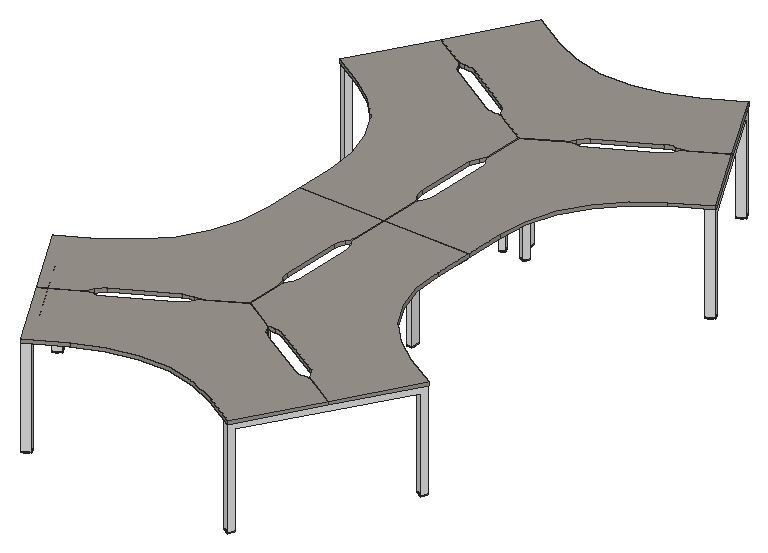
Revit family "120 Degree 6 User Symmetrical Workstation", category Furniture, Revit 2016
Family settings
  OmniClass Number = 23.40.20.00
  OmniClass Title = General Furniture and Specialties
  Work Plane-Based = No
  Always vertical = Yes
  Cut with Voids When Loaded = No
  Shared = No
  Room Calculation Point = No
Parameters
  URL = "www.gof.co.uk"
  Type Comments = ""
  Range = "MESA"
  Product Code = "MESWC1206-6"
  Desktop = Gresham - Nordic Ash
  Model = ""
  Manufacturer = "Gresham Office Furniture"  # constant formula
  Frame = Gresham - Black Metal
  Foot = Gresham - Black Plastic
  Assembly Code = "E2020200"
Reference planes
  plane 1 "Center (Front/Back)": y = 588.013
  plane 2: z = 0
  plane 3 "Center (Left/Right)": x = 0
  plane 4 "Desktop Underside": z = 702
  plane 5 "Foot": z = 10
  plane 6: y = 1788.013
  plane 7: y = -531.603
  plane 8: x = -1339.23
  plane 9: x = 1339.23
Forms (mm)
  Extrusion 1, solid, material "Gresham - Nordic Ash" <- "Desktop"
    sketch origin (-2813.985, 1941.512, 702) x (-1, 0, 0) y (0, -1, 0)
      loop
        line (-3030.492, 1478.5) -> (-2813.985, 1353.5) -> (-2597.479, 1478.5)
        arc (-2597.479, 1478.5) -> (-2568.541, 1501.862) -> (-2548.146, 1532.963) r 120
        arc (-2548.146, 1532.963) -> (-2527.751, 1564.064) -> (-2498.813, 1587.426) r 120
        line (-2498.813, 1587.426) -> (-2134.927, 1797.516)
        arc (-2134.927, 1797.516) -> (-2100.226, 1810.895) -> (-2063.094, 1813.008) r 120
        arc (-2063.094, 1813.008) -> (-2025.963, 1815.12) -> (-1991.261, 1828.5) r 120
        line (-1991.261, 1828.5) -> (-1774.755, 1953.5) -> (-2074.755, 2473.115) -> (-2313.985, 2334.995)
        arc (-2313.985, 2334.995) -> (-2813.985, 2201.021) -> (-3313.985, 2334.995) r 1000
        line (-3313.985, 2334.995) -> (-3553.216, 2473.115) -> (-3853.216, 1953.5) -> (-3636.709, 1828.5)
        arc (-3636.709, 1828.5) -> (-3602.008, 1815.12) -> (-3564.876, 1813.008) r 120
        arc (-3564.876, 1813.008) -> (-3527.745, 1810.895) -> (-3493.043, 1797.516) r 120
        line (-3493.043, 1797.516) -> (-3129.158, 1587.426)
        arc (-3129.158, 1587.426) -> (-3100.22, 1564.064) -> (-3079.825, 1532.963) r 120
        arc (-3079.825, 1532.963) -> (-3059.43, 1501.862) -> (-3030.492, 1478.5) r 120
    from 0 to 25
  Sweep 2, solid, material "Gresham - Black Metal" <- "Frame"
    path in 3D
      loop
        line (-835.104, -240.545, 702) -> (0, 241.603, 702) -> (835.104, -240.545, 702)
    profile origin (-417.552, 0.529, 702) x (-0.5, 0.866025, 0) y (0, 0, 1)
      loop
        line (20, 0) -> (-20, 0) -> (-20, -40) -> (20, -40) -> (20, 0)
  Extrusion 3, solid, material "Gresham - Black Metal" <- "Frame"
    sketch origin (48.06, 60.47, 702) x (-1, 0, 0) y (0, -1, 0)
      loop
        line (28.06, -457.543) -> (68.06, -457.543) -> (68.06, -417.543) -> (28.06, -417.543) -> (28.06, -457.543)
    from -692 to -3
  Extrusion 4, solid, material "Gresham - Black Metal" <- "Frame"
    sketch origin (0, 0, 702) x (-1, 0, 0) y (0, -1, 0)
      loop
        line (8.66, -548.013) -> (47.631, -480.513)
        arc (47.631, -480.513) -> (47.631, -470.513) -> (38.971, -465.513) r 10
        line (38.971, -465.513) -> (-38.971, -465.513)
        arc (-38.971, -465.513) -> (-47.631, -470.513) -> (-47.631, -480.513) r 10
        line (-47.631, -480.513) -> (-8.66, -548.013)
        arc (-8.66, -548.013) -> (0, -553.013) -> (8.66, -548.013) r 10
    from 0 to -3
  Extrusion 5, solid, material "Gresham - Black Plastic" <- "Foot"
    sketch origin (0, 0, 10) x (-1, 0, 0) y (0, -1, 0)
      loop
        line (-20, -518.013) -> (20, -518.013) -> (20, -478.013) -> (-20, -478.013) -> (-20, -518.013)
    from 0 to -5
  Extrusion 6, solid, material "Gresham - Black Plastic" <- "Foot"
    sketch origin (0, 0, 10) x (-1, 0, 0) y (0, -1, 0)
      loop
        circle (0, -498.013) r 18
    from -5 to -10
  Extrusion 7, solid, material "Gresham - Nordic Ash" <- "Desktop"
    sketch origin (2579.158, 2348.246, 702) x (0.5, 0.866025, 0) y (-0.866025, 0.5, 0)
      loop
        line (-3030.492, 1478.5) -> (-2813.985, 1353.5) -> (-2597.479, 1478.5)
        arc (-2597.479, 1478.5) -> (-2568.541, 1501.862) -> (-2548.146, 1532.963) r 120
        arc (-2548.146, 1532.963) -> (-2527.751, 1564.064) -> (-2498.813, 1587.426) r 120
        line (-2498.813, 1587.426) -> (-2134.927, 1797.516)
        arc (-2134.927, 1797.516) -> (-2100.226, 1810.895) -> (-2063.094, 1813.008) r 120
        arc (-2063.094, 1813.008) -> (-2025.963, 1815.12) -> (-1991.261, 1828.5) r 120
        line (-1991.261, 1828.5) -> (-1774.755, 1953.5) -> (-2074.755, 2473.115) -> (-2313.985, 2334.995)
        arc (-2313.985, 2334.995) -> (-2813.985, 2201.021) -> (-3313.985, 2334.995) r 1000
        line (-3313.985, 2334.995) -> (-3553.216, 2473.115) -> (-3853.216, 1953.5) -> (-3636.709, 1828.5)
        arc (-3636.709, 1828.5) -> (-3602.008, 1815.12) -> (-3564.876, 1813.008) r 120
        arc (-3564.876, 1813.008) -> (-3527.745, 1810.895) -> (-3493.043, 1797.516) r 120
        line (-3493.043, 1797.516) -> (-3129.158, 1587.426)
        arc (-3129.158, 1587.426) -> (-3100.22, 1564.064) -> (-3079.825, 1532.963) r 120
        arc (-3079.825, 1532.963) -> (-3059.43, 1501.862) -> (-3030.492, 1478.5) r 120
    from 0 to 25
  Sweep 8, solid, material "Gresham - Black Metal" <- "Frame"
    path in 3D
      loop
        line (-300, 1758.013, 702) -> (-300, 761.218, 702) -> (-1135.104, 279.07, 702)
    profile origin (-300, 1259.615, 702) x (1, 0, 0) y (0, 0, 1)
      loop
        line (20, 0) -> (-20, 0) -> (-20, -40) -> (20, -40) -> (20, 0)
  Extrusion 9, solid, material "Gresham - Black Metal" <- "Frame"
    sketch origin (-480.895, 810.163, 702) x (0.5, 0.866025, 0) y (-0.866025, 0.5, 0)
      loop
        line (28.06, -457.543) -> (68.06, -457.543) -> (68.06, -417.543) -> (28.06, -417.543) -> (28.06, -457.543)
    from -692 to -3
  Extrusion 10, solid, material "Gresham - Black Metal" <- "Frame"
    sketch origin (-509.234, 882.019, 702) x (0.5, 0.866025, 0) y (-0.866025, 0.5, 0)
      loop
        line (8.66, -548.013) -> (47.631, -480.513)
        arc (47.631, -480.513) -> (47.631, -470.513) -> (38.971, -465.513) r 10
        line (38.971, -465.513) -> (-38.971, -465.513)
        arc (-38.971, -465.513) -> (-47.631, -470.513) -> (-47.631, -480.513) r 10
        line (-47.631, -480.513) -> (-8.66, -548.013)
        arc (-8.66, -548.013) -> (0, -553.013) -> (8.66, -548.013) r 10
    from 0 to -3
  Extrusion 11, solid, material "Gresham - Black Plastic" <- "Foot"
    sketch origin (-509.234, 882.019, 10) x (0.5, 0.866025, 0) y (-0.866025, 0.5, 0)
      loop
        line (-20, -518.013) -> (20, -518.013) -> (20, -478.013) -> (-20, -478.013) -> (-20, -518.013)
    from 0 to -5
  Extrusion 12, solid, material "Gresham - Black Plastic" <- "Foot"
    sketch origin (-509.234, 882.019, 10) x (0.5, 0.866025, 0) y (-0.866025, 0.5, 0)
      loop
        circle (0, -498.013) r 18
    from -5 to -10
  Extrusion 13, solid, material "Gresham - Nordic Ash" <- "Desktop"
    sketch origin (234.828, -2525.72, 702) x (0.5, -0.866025, 0) y (0.866025, 0.5, 0)
      loop
        line (-3030.492, 1478.5) -> (-2813.985, 1353.5) -> (-2597.479, 1478.5)
        arc (-2597.479, 1478.5) -> (-2568.541, 1501.862) -> (-2548.146, 1532.963) r 120
        arc (-2548.146, 1532.963) -> (-2527.751, 1564.064) -> (-2498.813, 1587.426) r 120
        line (-2498.813, 1587.426) -> (-2134.927, 1797.516)
        arc (-2134.927, 1797.516) -> (-2100.226, 1810.895) -> (-2063.094, 1813.008) r 120
        arc (-2063.094, 1813.008) -> (-2025.963, 1815.12) -> (-1991.261, 1828.5) r 120
        line (-1991.261, 1828.5) -> (-1774.755, 1953.5) -> (-2074.755, 2473.115) -> (-2313.985, 2334.995)
        arc (-2313.985, 2334.995) -> (-2813.985, 2201.021) -> (-3313.985, 2334.995) r 1000
        line (-3313.985, 2334.995) -> (-3553.216, 2473.115) -> (-3853.216, 1953.5) -> (-3636.709, 1828.5)
        arc (-3636.709, 1828.5) -> (-3602.008, 1815.12) -> (-3564.876, 1813.008) r 120
        arc (-3564.876, 1813.008) -> (-3527.745, 1810.895) -> (-3493.043, 1797.516) r 120
        line (-3493.043, 1797.516) -> (-3129.158, 1587.426)
        arc (-3129.158, 1587.426) -> (-3100.22, 1564.064) -> (-3079.825, 1532.963) r 120
        arc (-3079.825, 1532.963) -> (-3059.43, 1501.862) -> (-3030.492, 1478.5) r 120
    from 0 to 25
  Sweep 14, solid, material "Gresham - Black Metal" <- "Frame"
    path in 3D
      loop
        line (1135.104, 279.07, 702) -> (300, 761.218, 702) -> (300, 1758.013, 702)
    profile origin (717.552, 520.144, 702) x (-0.5, -0.866025, 0) y (0, 0, 1)
      loop
        line (20, 0) -> (-20, 0) -> (-20, -40) -> (20, -40) -> (20, 0)
  Extrusion 15, solid, material "Gresham - Black Metal" <- "Frame"
    sketch origin (432.835, 893.405, 702) x (0.5, -0.866025, 0) y (0.866025, 0.5, 0)
      loop
        line (28.06, -457.543) -> (68.06, -457.543) -> (68.06, -417.543) -> (28.06, -417.543) -> (28.06, -457.543)
    from -692 to -3
  Extrusion 16, solid, material "Gresham - Black Metal" <- "Frame"
    sketch origin (509.234, 882.019, 702) x (0.5, -0.866025, 0) y (0.866025, 0.5, 0)
      loop
        line (8.66, -548.013) -> (47.631, -480.513)
        arc (47.631, -480.513) -> (47.631, -470.513) -> (38.971, -465.513) r 10
        line (38.971, -465.513) -> (-38.971, -465.513)
        arc (-38.971, -465.513) -> (-47.631, -470.513) -> (-47.631, -480.513) r 10
        line (-47.631, -480.513) -> (-8.66, -548.013)
        arc (-8.66, -548.013) -> (0, -553.013) -> (8.66, -548.013) r 10
    from 0 to -3
  Extrusion 17, solid, material "Gresham - Black Plastic" <- "Foot"
    sketch origin (509.234, 882.019, 10) x (0.5, -0.866025, 0) y (0.866025, 0.5, 0)
      loop
        line (-20, -518.013) -> (20, -518.013) -> (20, -478.013) -> (-20, -478.013) -> (-20, -518.013)
    from 0 to -5
  Extrusion 18, solid, material "Gresham - Black Plastic" <- "Foot"
    sketch origin (509.234, 882.019, 10) x (0.5, -0.866025, 0) y (0.866025, 0.5, 0)
      loop
        circle (0, -498.013) r 18
    from -5 to -10
  Extrusion 19, solid, material "Gresham - Nordic Ash" <- "Desktop"
    sketch origin (-2813.985, 1634.513, 702) x (-1, 0, 0) y (0, -1, 0)
      loop
        arc (-3030.492, -1478.5) -> (-3059.43, -1501.862) -> (-3079.825, -1532.963) r 120
        arc (-3079.825, -1532.963) -> (-3100.22, -1564.064) -> (-3129.158, -1587.426) r 120
        line (-3129.158, -1587.426) -> (-3493.043, -1797.516)
        arc (-3493.043, -1797.516) -> (-3527.745, -1810.895) -> (-3564.876, -1813.008) r 120
        arc (-3564.876, -1813.008) -> (-3602.008, -1815.12) -> (-3636.709, -1828.5) r 120
        line (-3636.709, -1828.5) -> (-3853.216, -1953.5) -> (-3553.216, -2473.115) -> (-3313.985, -2334.995)
        arc (-3313.985, -2334.995) -> (-2813.985, -2201.021) -> (-2313.985, -2334.995) r 1000
        line (-2313.985, -2334.995) -> (-2074.755, -2473.115) -> (-1774.755, -1953.5) -> (-1991.261, -1828.5)
        arc (-1991.261, -1828.5) -> (-2025.963, -1815.12) -> (-2063.094, -1813.008) r 120
        arc (-2063.094, -1813.008) -> (-2100.226, -1810.895) -> (-2134.927, -1797.516) r 120
        line (-2134.927, -1797.516) -> (-2498.813, -1587.426)
        arc (-2498.813, -1587.426) -> (-2527.751, -1564.064) -> (-2548.146, -1532.963) r 120
        arc (-2548.146, -1532.963) -> (-2568.541, -1501.862) -> (-2597.479, -1478.5) r 120
        line (-2597.479, -1478.5) -> (-2813.985, -1353.5) -> (-3030.492, -1478.5)
    from 0 to 25
  Sweep 20, solid, material "Gresham - Black Metal" <- "Frame"
    path in 3D
      loop
        line (-835.104, 3816.57, 702) -> (0, 3334.423, 702) -> (835.104, 3816.57, 702)
    profile origin (-417.552, 3575.497, 702) x (0.5, 0.866025, 0) y (0, 0, 1)
      loop
        line (20, 0) -> (-20, 0) -> (-20, -40) -> (20, -40) -> (20, 0)
  Extrusion 21, solid, material "Gresham - Black Metal" <- "Frame"
    sketch origin (48.06, 3515.555, 702) x (-1, 0, 0) y (0, -1, 0)
      loop
        line (28.06, 457.543) -> (28.06, 417.543) -> (68.06, 417.543) -> (68.06, 457.543) -> (28.06, 457.543)
    from -692 to -3
  Extrusion 22, solid, material "Gresham - Black Metal" <- "Frame"
    sketch origin (0, 3576.025, 702) x (-1, 0, 0) y (0, -1, 0)
      loop
        arc (8.66, 548.013) -> (0, 553.013) -> (-8.66, 548.013) r 10
        line (-8.66, 548.013) -> (-47.631, 480.513)
        arc (-47.631, 480.513) -> (-47.631, 470.513) -> (-38.971, 465.513) r 10
        line (-38.971, 465.513) -> (38.971, 465.513)
        arc (38.971, 465.513) -> (47.631, 470.513) -> (47.631, 480.513) r 10
        line (47.631, 480.513) -> (8.66, 548.013)
    from 0 to -3
  Extrusion 23, solid, material "Gresham - Black Plastic" <- "Foot"
    sketch origin (0, 3576.025, 10) x (-1, 0, 0) y (0, -1, 0)
      loop
        line (-20, 518.013) -> (-20, 478.013) -> (20, 478.013) -> (20, 518.013) -> (-20, 518.013)
    from 0 to -5
  Extrusion 24, solid, material "Gresham - Black Plastic" <- "Foot"
    sketch origin (0, 3576.025, 10) x (-1, 0, 0) y (0, -1, 0)
      loop
        circle (0, 498.013) r 18
    from -5 to -10
  Extrusion 25, solid, material "Gresham - Nordic Ash" <- "Desktop"
    sketch origin (2579.158, 1227.78, 702) x (0.5, -0.866025, 0) y (0.866025, 0.5, 0)
      loop
        arc (-3030.492, -1478.5) -> (-3059.43, -1501.862) -> (-3079.825, -1532.963) r 120
        arc (-3079.825, -1532.963) -> (-3100.22, -1564.064) -> (-3129.158, -1587.426) r 120
        line (-3129.158, -1587.426) -> (-3493.043, -1797.516)
        arc (-3493.043, -1797.516) -> (-3527.745, -1810.895) -> (-3564.876, -1813.008) r 120
        arc (-3564.876, -1813.008) -> (-3602.008, -1815.12) -> (-3636.709, -1828.5) r 120
        line (-3636.709, -1828.5) -> (-3853.216, -1953.5) -> (-3553.216, -2473.115) -> (-3313.985, -2334.995)
        arc (-3313.985, -2334.995) -> (-2813.985, -2201.021) -> (-2313.985, -2334.995) r 1000
        line (-2313.985, -2334.995) -> (-2074.755, -2473.115) -> (-1774.755, -1953.5) -> (-1991.261, -1828.5)
        arc (-1991.261, -1828.5) -> (-2025.963, -1815.12) -> (-2063.094, -1813.008) r 120
        arc (-2063.094, -1813.008) -> (-2100.226, -1810.895) -> (-2134.927, -1797.516) r 120
        line (-2134.927, -1797.516) -> (-2498.813, -1587.426)
        arc (-2498.813, -1587.426) -> (-2527.751, -1564.064) -> (-2548.146, -1532.963) r 120
        arc (-2548.146, -1532.963) -> (-2568.541, -1501.862) -> (-2597.479, -1478.5) r 120
        line (-2597.479, -1478.5) -> (-2813.985, -1353.5) -> (-3030.492, -1478.5)
    from 0 to 25
  Sweep 26, solid, material "Gresham - Black Metal" <- "Frame"
    path in 3D
      loop
        line (-300, 1818.013, 702) -> (-300, 2814.808, 702) -> (-1135.104, 3296.955, 702)
    profile origin (-300, 2316.41, 702) x (-1, 0, 0) y (0, 0, 1)
      loop
        line (20, 0) -> (-20, 0) -> (-20, -40) -> (20, -40) -> (20, 0)
  Extrusion 27, solid, material "Gresham - Black Metal" <- "Frame"
    sketch origin (-480.895, 2765.862, 702) x (0.5, -0.866025, 0) y (0.866025, 0.5, 0)
      loop
        line (28.06, 457.543) -> (28.06, 417.543) -> (68.06, 417.543) -> (68.06, 457.543) -> (28.06, 457.543)
    from -692 to -3
  Extrusion 28, solid, material "Gresham - Black Metal" <- "Frame"
    sketch origin (-509.234, 2694.006, 702) x (0.5, -0.866025, 0) y (0.866025, 0.5, 0)
      loop
        arc (8.66, 548.013) -> (0, 553.013) -> (-8.66, 548.013) r 10
        line (-8.66, 548.013) -> (-47.631, 480.513)
        arc (-47.631, 480.513) -> (-47.631, 470.513) -> (-38.971, 465.513) r 10
        line (-38.971, 465.513) -> (38.971, 465.513)
        arc (38.971, 465.513) -> (47.631, 470.513) -> (47.631, 480.513) r 10
        line (47.631, 480.513) -> (8.66, 548.013)
    from 0 to -3
  Extrusion 29, solid, material "Gresham - Black Plastic" <- "Foot"
    sketch origin (-509.234, 2694.006, 10) x (0.5, -0.866025, 0) y (0.866025, 0.5, 0)
      loop
        line (-20, 518.013) -> (-20, 478.013) -> (20, 478.013) -> (20, 518.013) -> (-20, 518.013)
    from 0 to -5
  Extrusion 30, solid, material "Gresham - Black Plastic" <- "Foot"
    sketch origin (-509.234, 2694.006, 10) x (0.5, -0.866025, 0) y (0.866025, 0.5, 0)
      loop
        circle (0, 498.013) r 18
    from -5 to -10
  Extrusion 31, solid, material "Gresham - Nordic Ash" <- "Desktop"
    sketch origin (234.828, 6101.745, 702) x (0.5, 0.866025, 0) y (-0.866025, 0.5, 0)
      loop
        arc (-3030.492, -1478.5) -> (-3059.43, -1501.862) -> (-3079.825, -1532.963) r 120
        arc (-3079.825, -1532.963) -> (-3100.22, -1564.064) -> (-3129.158, -1587.426) r 120
        line (-3129.158, -1587.426) -> (-3493.043, -1797.516)
        arc (-3493.043, -1797.516) -> (-3527.745, -1810.895) -> (-3564.876, -1813.008) r 120
        arc (-3564.876, -1813.008) -> (-3602.008, -1815.12) -> (-3636.709, -1828.5) r 120
        line (-3636.709, -1828.5) -> (-3853.216, -1953.5) -> (-3553.216, -2473.115) -> (-3313.985, -2334.995)
        arc (-3313.985, -2334.995) -> (-2813.985, -2201.021) -> (-2313.985, -2334.995) r 1000
        line (-2313.985, -2334.995) -> (-2074.755, -2473.115) -> (-1774.755, -1953.5) -> (-1991.261, -1828.5)
        arc (-1991.261, -1828.5) -> (-2025.963, -1815.12) -> (-2063.094, -1813.008) r 120
        arc (-2063.094, -1813.008) -> (-2100.226, -1810.895) -> (-2134.927, -1797.516) r 120
        line (-2134.927, -1797.516) -> (-2498.813, -1587.426)
        arc (-2498.813, -1587.426) -> (-2527.751, -1564.064) -> (-2548.146, -1532.963) r 120
        arc (-2548.146, -1532.963) -> (-2568.541, -1501.862) -> (-2597.479, -1478.5) r 120
        line (-2597.479, -1478.5) -> (-2813.985, -1353.5) -> (-3030.492, -1478.5)
    from 0 to 25
  Sweep 32, solid, material "Gresham - Black Metal" <- "Frame"
    path in 3D
      loop
        line (1135.104, 3296.955, 702) -> (300, 2814.808, 702) -> (300, 1818.013, 702)
    profile origin (717.552, 3055.881, 702) x (0.5, -0.866025, 0) y (0, 0, 1)
      loop
        line (20, 0) -> (-20, 0) -> (-20, -40) -> (20, -40) -> (20, 0)
  Extrusion 33, solid, material "Gresham - Black Metal" <- "Frame"
    sketch origin (432.835, 2682.62, 702) x (0.5, 0.866025, 0) y (-0.866025, 0.5, 0)
      loop
        line (28.06, 457.543) -> (28.06, 417.543) -> (68.06, 417.543) -> (68.06, 457.543) -> (28.06, 457.543)
    from -692 to -3
  Extrusion 34, solid, material "Gresham - Black Metal" <- "Frame"
    sketch origin (509.234, 2694.006, 702) x (0.5, 0.866025, 0) y (-0.866025, 0.5, 0)
      loop
        arc (8.66, 548.013) -> (0, 553.013) -> (-8.66, 548.013) r 10
        line (-8.66, 548.013) -> (-47.631, 480.513)
        arc (-47.631, 480.513) -> (-47.631, 470.513) -> (-38.971, 465.513) r 10
        line (-38.971, 465.513) -> (38.971, 465.513)
        arc (38.971, 465.513) -> (47.631, 470.513) -> (47.631, 480.513) r 10
        line (47.631, 480.513) -> (8.66, 548.013)
    from 0 to -3
  Extrusion 35, solid, material "Gresham - Black Plastic" <- "Foot"
    sketch origin (509.234, 2694.006, 10) x (0.5, 0.866025, 0) y (-0.866025, 0.5, 0)
      loop
        line (-20, 518.013) -> (-20, 478.013) -> (20, 478.013) -> (20, 518.013) -> (-20, 518.013)
    from 0 to -5
  Extrusion 36, solid, material "Gresham - Black Plastic" <- "Foot"
    sketch origin (509.234, 2694.006, 10) x (0.5, 0.866025, 0) y (-0.866025, 0.5, 0)
      loop
        circle (0, 498.013) r 18
    from -5 to -10
Lines and regions (mm)
  model lines
    curve 1: line (-835.104, -240.545, 702) -> (0, 241.603, 702)
    curve 2: line (835.104, -240.545, 702) -> (0, 241.603, 702)
    curve 5: line (-300, 1758.013, 702) -> (-300, 761.218, 702)
    curve 6: line (-1135.104, 279.07, 702) -> (-300, 761.218, 702)
    curve 9: line (1135.104, 279.07, 702) -> (300, 761.218, 702)
    curve 10: line (300, 1758.013, 702) -> (300, 761.218, 702)
    curve 13: line (-835.104, 3816.57, 702) -> (0, 3334.423, 702)
    curve 14: line (835.104, 3816.57, 702) -> (0, 3334.423, 702)
    curve 17: line (-300, 1818.013, 702) -> (-300, 2814.808, 702)
    curve 18: line (-1135.104, 3296.955, 702) -> (-300, 2814.808, 702)
    curve 21: line (1135.104, 3296.955, 702) -> (300, 2814.808, 702)
    curve 22: line (300, 1818.013, 702) -> (300, 2814.808, 702)
  sketch lines
    curve 3: line (-835.104, -240.545, 702) -> (0, 241.603, 702)
    curve 4: line (835.104, -240.545, 702) -> (0, 241.603, 702)
    curve 7: line (-300, 1758.013, 702) -> (-300, 761.218, 702)
    curve 8: line (-1135.104, 279.07, 702) -> (-300, 761.218, 702)
    curve 11: line (1135.104, 279.07, 702) -> (300, 761.218, 702)
    curve 12: line (300, 1758.013, 702) -> (300, 761.218, 702)
    curve 15: line (-835.104, 3816.57, 702) -> (0, 3334.423, 702)
    curve 16: line (835.104, 3816.57, 702) -> (0, 3334.423, 702)
    curve 19: line (-300, 1818.013, 702) -> (-300, 2814.808, 702)
    curve 20: line (-1135.104, 3296.955, 702) -> (-300, 2814.808, 702)
    curve 23: line (1135.104, 3296.955, 702) -> (300, 2814.808, 702)
    curve 24: line (300, 1818.013, 702) -> (300, 2814.808, 702)
Dimensions and locks
  locked: plane 4 "Desktop Underside" to plane 2 at 702
  locked: plane 2 to plane 5 "Foot" at 10
  plane 7 to plane 1 "Center (Front/Back)" to plane 6 = 1119.615 mm, 1200 mm
  Extrusion 1 sketch curve to Extrusion 1 sketch curve = 1200 mm  (x2)
  Extrusion 1 sketch curve to Extrusion 1 sketch curve = 250 mm  (x4)
  Extrusion 1 sketch curve to Extrusion 1 sketch curve = 45 mm  (x2)
  plane 8 to plane 9 = 2678.461 mm
  equal spacing: plane 8, plane 3 "Center (Left/Right)", plane 9
  Sweep 2 sketch curve to Extrusion 1 = 40 mm
  Sweep 2 sketch curve to Sweep 2 sketch curve = 40 mm
  plane 7 to plane 6 = 2319.615 mm
  locked: Extrusion 1 to nested 1 at 2.5  (x2)
  Extrusion 7 sketch curve to Extrusion 7 sketch curve = 1200 mm  (x2)
  Extrusion 7 sketch curve to Extrusion 7 sketch curve = 250 mm  (x4)
  Extrusion 7 sketch curve to Extrusion 7 sketch curve = 45 mm  (x2)
  Sweep 8 sketch curve to Extrusion 7 = 40 mm
  Sweep 8 sketch curve to Sweep 8 sketch curve = 40 mm
  locked: Extrusion 7 to nested 2 at 2.5  (x2)
  Extrusion 13 sketch curve to Extrusion 13 sketch curve = 1200 mm  (x2)
  Extrusion 13 sketch curve to Extrusion 13 sketch curve = 250 mm  (x4)
  Extrusion 13 sketch curve to Extrusion 13 sketch curve = 45 mm  (x2)
  Sweep 14 sketch curve to Extrusion 13 = 40 mm
  Sweep 14 sketch curve to Sweep 14 sketch curve = 40 mm
  Extrusion 19 sketch curve to Extrusion 19 sketch curve = 1200 mm  (x2)
  Extrusion 19 sketch curve to Extrusion 19 sketch curve = 250 mm  (x4)
  Extrusion 19 sketch curve to Extrusion 19 sketch curve = 45 mm  (x2)
  Sweep 20 sketch curve to Extrusion 19 = 40 mm
  Sweep 20 sketch curve to Sweep 20 sketch curve = 40 mm
  locked: Extrusion 19 to nested 3 at 2.5  (x2)
  Extrusion 25 sketch curve to Extrusion 25 sketch curve = 1200 mm  (x2)
  Extrusion 25 sketch curve to Extrusion 25 sketch curve = 250 mm  (x4)
  Extrusion 25 sketch curve to Extrusion 25 sketch curve = 45 mm  (x2)
  Sweep 26 sketch curve to Extrusion 25 = 40 mm
  Sweep 26 sketch curve to Sweep 26 sketch curve = 40 mm
  locked: Extrusion 25 to nested 4 at 2.5  (x2)
  Extrusion 31 sketch curve to Extrusion 31 sketch curve = 1200 mm  (x2)
  Extrusion 31 sketch curve to Extrusion 31 sketch curve = 250 mm  (x4)
  Extrusion 31 sketch curve to Extrusion 31 sketch curve = 45 mm  (x2)
  Sweep 32 sketch curve to Extrusion 31 = 40 mm
  Sweep 32 sketch curve to Sweep 32 sketch curve = 40 mm
  locked: Extrusion 19 to nested 4 at 2.5  (x2)
  locked: nested 5 to Extrusion 13 at 37.5
  locked: Extrusion 7 to nested 5 at 37.5
  radius of Extrusion 6 sketch curve = 18 mm
  radius of Extrusion 12 sketch curve = 18 mm
  radius of Extrusion 18 sketch curve = 18 mm
  radius of Extrusion 24 sketch curve = 18 mm
  radius of Extrusion 30 sketch curve = 18 mm
  radius of Extrusion 36 sketch curve = 18 mm
  aligned and locked: level to plane 2
  aligned and locked: Extrusion 3 to Extrusion 4
  aligned and locked: Extrusion 6 to Extrusion 5
  aligned and locked: Extrusion 9 to Extrusion 10
  aligned and locked: Extrusion 12 to Extrusion 11
  aligned and locked: Extrusion 15 to Extrusion 16
  aligned and locked: Extrusion 18 to Extrusion 17
  aligned and locked: Extrusion 22 to Extrusion 21
  aligned and locked: Extrusion 23 to Extrusion 24
  aligned and locked: Extrusion 28 to Extrusion 27
  aligned and locked: Extrusion 29 to Extrusion 30
  aligned and locked: Extrusion 34 to Extrusion 33
  aligned and locked: Extrusion 35 to Extrusion 36
Automatic sketch dimensions
  plane 7 to Extrusion 1 sketch curve = 0 mm  (x2)
  plane 1 "Center (Front/Back)" to Extrusion 1 sketch curve = 0 mm
  Extrusion 1 sketch curve to plane 3 "Center (Left/Right)" = 0 mm  (x2)
  plane 3 "Center (Left/Right)" to Extrusion 1 sketch curve = 156.506 mm
  plane 1 "Center (Front/Back)" to Extrusion 1 sketch curve = 125 mm  (x2)
  Extrusion 1 sketch curve to Extrusion 1 sketch curve = 98.666 mm  (x2)
  Extrusion 1 sketch curve to Extrusion 1 sketch curve = 60 mm  (x5)
  Extrusion 1 sketch curve to plane 7 = 138.12 mm  (x2)
  plane 3 "Center (Left/Right)" to Extrusion 1 sketch curve = 500 mm
  Extrusion 1 sketch curve to Extrusion 1 sketch curve = 363.885 mm  (x2)
  Extrusion 1 sketch curve to Extrusion 1 sketch curve = 83.666 mm
  plane 1 "Center (Front/Back)" to Extrusion 1 sketch curve = 475 mm
  Extrusion 1 sketch curve to plane 3 "Center (Left/Right)" = 156.506 mm
  plane 1 "Center (Front/Back)" to Extrusion 1 sketch curve = 444.016 mm
  Extrusion 1 sketch curve to Extrusion 1 sketch curve = 103.923 mm  (x8)
  plane 7 to Extrusion 1 sketch curve = 727.906 mm
  profile plane to Sweep 2 sketch curve = 0 mm
  profile plane to Sweep 2 sketch curve = 20 mm
  plane 3 "Center (Left/Right)" to Extrusion 3 sketch curve = 20 mm
  Extrusion 3 sketch curve to plane 3 "Center (Left/Right)" = 20 mm
  plane 1 "Center (Front/Back)" to Extrusion 3 sketch curve = 70 mm
  Extrusion 3 sketch curve to Extrusion 3 sketch curve = 40 mm
  Extrusion 4 sketch curve to plane 3 "Center (Left/Right)" = 0 mm
  plane 3 "Center (Left/Right)" to Extrusion 4 sketch curve = 8.66 mm
  plane 3 "Center (Left/Right)" to Extrusion 4 sketch curve = 38.971 mm
  Extrusion 4 sketch curve to Extrusion 4 sketch curve = 8.66 mm  (x2)
  Extrusion 4 sketch curve to plane 3 "Center (Left/Right)" = 8.66 mm
  Extrusion 4 sketch curve to plane 3 "Center (Left/Right)" = 38.971 mm
  plane 1 "Center (Front/Back)" to Extrusion 4 sketch curve = 40 mm
  Extrusion 4 sketch curve to Extrusion 4 sketch curve = 5 mm  (x2)
  Extrusion 4 sketch curve to Extrusion 4 sketch curve = 67.5 mm  (x2)
  plane 3 "Center (Left/Right)" to Extrusion 5 sketch curve = 20 mm
  Extrusion 5 sketch curve to plane 3 "Center (Left/Right)" = 20 mm
  plane 1 "Center (Front/Back)" to Extrusion 5 sketch curve = 70 mm
  Extrusion 5 sketch curve to Extrusion 5 sketch curve = 40 mm
  Extrusion 6 sketch curve to plane 3 "Center (Left/Right)" = 0 mm
  plane 1 "Center (Front/Back)" to Extrusion 6 sketch curve = 90 mm
  Extrusion 7 sketch curve to plane 8 = 0 mm
  plane 1 "Center (Front/Back)" to Extrusion 7 sketch curve = 0 mm
  Extrusion 7 sketch curve to plane 3 "Center (Left/Right)" = 0 mm  (x3)
  plane 6 to Extrusion 7 sketch curve = 0 mm
  Extrusion 7 sketch curve to Extrusion 7 sketch curve = 156.506 mm
  Extrusion 7 sketch curve to Extrusion 7 sketch curve = 60 mm  (x8)
  Extrusion 7 sketch curve to Extrusion 7 sketch curve = 98.666 mm  (x2)
  Extrusion 7 sketch curve to Extrusion 7 sketch curve = 184.827 mm
  Extrusion 7 sketch curve to Extrusion 7 sketch curve = 363.885 mm
  Extrusion 7 sketch curve to Extrusion 7 sketch curve = 239.23 mm  (x2)
  Extrusion 7 sketch curve to Extrusion 7 sketch curve = 83.666 mm
  Extrusion 7 sketch curve to Extrusion 7 sketch curve = 500 mm
  Extrusion 7 sketch curve to Extrusion 7 sketch curve = 143.666 mm
  Extrusion 7 sketch curve to Extrusion 7 sketch curve = 103.923 mm  (x8)
  Extrusion 7 sketch curve to Extrusion 7 sketch curve = 866.025 mm
  Sweep 8 sketch curve to profile plane = 0 mm
  profile plane to Sweep 8 sketch curve = 20 mm
  Extrusion 9 sketch curve to plane 1 "Center (Front/Back)" = 37.679 mm
  Extrusion 9 sketch curve to plane 3 "Center (Left/Right)" = 105.263 mm
  Extrusion 9 sketch curve to Extrusion 9 sketch curve = 40 mm  (x2)
  Extrusion 10 sketch curve to plane 1 "Center (Front/Back)" = 12.5 mm
  Extrusion 10 sketch curve to plane 3 "Center (Left/Right)" = 116.913 mm
  Extrusion 10 sketch curve to Extrusion 10 sketch curve = 8.66 mm  (x4)
  Extrusion 10 sketch curve to Extrusion 10 sketch curve = 38.971 mm
  Extrusion 10 sketch curve to Extrusion 10 sketch curve = 77.942 mm
  Extrusion 10 sketch curve to Extrusion 10 sketch curve = 62.5 mm
  Extrusion 10 sketch curve to Extrusion 10 sketch curve = 5 mm  (x2)
  Extrusion 10 sketch curve to Extrusion 10 sketch curve = 67.5 mm
  Extrusion 11 sketch curve to plane 1 "Center (Front/Back)" = 17.679 mm
  Extrusion 11 sketch curve to plane 3 "Center (Left/Right)" = 70.622 mm
  Extrusion 11 sketch curve to Extrusion 11 sketch curve = 40 mm  (x2)
  Extrusion 12 sketch curve to plane 1 "Center (Front/Back)" = 45 mm
  Extrusion 12 sketch curve to plane 3 "Center (Left/Right)" = 77.942 mm
  Extrusion 13 sketch curve to plane 3 "Center (Left/Right)" = 0 mm  (x4)
  plane 6 to Extrusion 13 sketch curve = 0 mm
  Extrusion 13 sketch curve to plane 9 = 0 mm
  Extrusion 13 sketch curve to Extrusion 13 sketch curve = 60 mm  (x8)
  Extrusion 13 sketch curve to Extrusion 13 sketch curve = 23.494 mm
  Extrusion 13 sketch curve to Extrusion 13 sketch curve = 83.666 mm  (x2)
  Extrusion 13 sketch curve to Extrusion 13 sketch curve = 239.23 mm  (x2)
  Extrusion 13 sketch curve to Extrusion 13 sketch curve = 158.666 mm
  Extrusion 13 sketch curve to Extrusion 13 sketch curve = 500 mm
  Extrusion 13 sketch curve to Extrusion 13 sketch curve = 156.506 mm
  Extrusion 13 sketch curve to Extrusion 13 sketch curve = 98.666 mm
  Extrusion 13 sketch curve to Extrusion 13 sketch curve = 363.885 mm
  Extrusion 13 sketch curve to Extrusion 13 sketch curve = 103.923 mm  (x8)
  Extrusion 13 sketch curve to Extrusion 13 sketch curve = 866.025 mm
  profile plane to Sweep 14 sketch curve = 0 mm
  profile plane to Sweep 14 sketch curve = 20 mm
  Extrusion 15 sketch curve to plane 1 "Center (Front/Back)" = 72.321 mm
  plane 3 "Center (Left/Right)" to Extrusion 15 sketch curve = 85.263 mm
  Extrusion 15 sketch curve to Extrusion 15 sketch curve = 40 mm  (x2)
  plane 3 "Center (Left/Right)" to Extrusion 16 sketch curve = 69.282 mm
  Extrusion 16 sketch curve to plane 1 "Center (Front/Back)" = 95 mm
  Extrusion 16 sketch curve to Extrusion 16 sketch curve = 8.66 mm  (x4)
  Extrusion 16 sketch curve to Extrusion 16 sketch curve = 38.971 mm
  Extrusion 16 sketch curve to Extrusion 16 sketch curve = 77.942 mm
  Extrusion 16 sketch curve to Extrusion 16 sketch curve = 62.5 mm
  Extrusion 16 sketch curve to Extrusion 16 sketch curve = 5 mm  (x2)
  Extrusion 16 sketch curve to Extrusion 16 sketch curve = 67.5 mm
  plane 3 "Center (Left/Right)" to Extrusion 17 sketch curve = 50.622 mm
  Extrusion 17 sketch curve to plane 1 "Center (Front/Back)" = 52.321 mm
  Extrusion 17 sketch curve to Extrusion 17 sketch curve = 40 mm  (x2)
  Extrusion 18 sketch curve to plane 1 "Center (Front/Back)" = 45 mm
  plane 3 "Center (Left/Right)" to Extrusion 18 sketch curve = 77.942 mm
  Extrusion 19 sketch curve to plane 3 "Center (Left/Right)" = 0 mm  (x2)
  plane 3 "Center (Left/Right)" to Extrusion 19 sketch curve = 156.506 mm
  Extrusion 19 sketch curve to Extrusion 19 sketch curve = 60 mm  (x8)
  Extrusion 19 sketch curve to Extrusion 19 sketch curve = 98.666 mm  (x2)
  plane 3 "Center (Left/Right)" to Extrusion 19 sketch curve = 500 mm
  Extrusion 19 sketch curve to Extrusion 19 sketch curve = 363.885 mm  (x2)
  Extrusion 19 sketch curve to Extrusion 19 sketch curve = 239.23 mm  (x2)
  Extrusion 19 sketch curve to Extrusion 19 sketch curve = 83.666 mm  (x2)
  Extrusion 19 sketch curve to Extrusion 19 sketch curve = 216.506 mm
  Extrusion 19 sketch curve to plane 3 "Center (Left/Right)" = 156.506 mm
  Extrusion 19 sketch curve to plane 3 "Center (Left/Right)" = 500 mm
  Extrusion 19 sketch curve to plane 6 = 3047.521 mm
  Extrusion 19 sketch curve to Extrusion 19 sketch curve = 727.906 mm
  Extrusion 19 sketch curve to Extrusion 19 sketch curve = 103.923 mm  (x8)
  Sweep 20 sketch curve to profile plane = 0 mm
  profile plane to Sweep 20 sketch curve = 20 mm
  plane 3 "Center (Left/Right)" to Extrusion 21 sketch curve = 20 mm
  Extrusion 21 sketch curve to plane 3 "Center (Left/Right)" = 20 mm
  Extrusion 21 sketch curve to plane 6 = 1310 mm
  Extrusion 21 sketch curve to Extrusion 21 sketch curve = 40 mm
  Extrusion 22 sketch curve to plane 3 "Center (Left/Right)" = 0 mm
  plane 3 "Center (Left/Right)" to Extrusion 22 sketch curve = 8.66 mm
  plane 3 "Center (Left/Right)" to Extrusion 22 sketch curve = 38.971 mm
  Extrusion 22 sketch curve to Extrusion 22 sketch curve = 8.66 mm  (x2)
  Extrusion 22 sketch curve to plane 3 "Center (Left/Right)" = 8.66 mm
  Extrusion 22 sketch curve to plane 3 "Center (Left/Right)" = 38.971 mm
  Extrusion 22 sketch curve to plane 6 = 1322.5 mm
  Extrusion 22 sketch curve to Extrusion 22 sketch curve = 10 mm  (x2)
  Extrusion 22 sketch curve to Extrusion 22 sketch curve = 67.5 mm
  Extrusion 22 sketch curve to Extrusion 22 sketch curve = 5 mm
  plane 3 "Center (Left/Right)" to Extrusion 23 sketch curve = 20 mm
  Extrusion 23 sketch curve to plane 3 "Center (Left/Right)" = 20 mm
  Extrusion 23 sketch curve to plane 6 = 1310 mm
  Extrusion 23 sketch curve to Extrusion 23 sketch curve = 40 mm
  Extrusion 24 sketch curve to plane 3 "Center (Left/Right)" = 0 mm
  Extrusion 24 sketch curve to plane 6 = 1290 mm
  Extrusion 25 sketch curve to plane 8 = 0 mm
  Extrusion 25 sketch curve to plane 3 "Center (Left/Right)" = 0 mm  (x4)
  plane 6 to Extrusion 25 sketch curve = 0 mm
  Extrusion 25 sketch curve to Extrusion 25 sketch curve = 156.506 mm
  Extrusion 25 sketch curve to Extrusion 25 sketch curve = 60 mm  (x8)
  Extrusion 25 sketch curve to Extrusion 25 sketch curve = 98.666 mm  (x2)
  Extrusion 25 sketch curve to Extrusion 25 sketch curve = 184.827 mm
  Extrusion 25 sketch curve to Extrusion 25 sketch curve = 363.885 mm
  Extrusion 25 sketch curve to Extrusion 25 sketch curve = 239.23 mm  (x2)
  Extrusion 25 sketch curve to Extrusion 25 sketch curve = 83.666 mm
  Extrusion 25 sketch curve to Extrusion 25 sketch curve = 500 mm
  Extrusion 25 sketch curve to Extrusion 25 sketch curve = 143.666 mm
  Extrusion 25 sketch curve to Extrusion 25 sketch curve = 866.025 mm
  Extrusion 25 sketch curve to Extrusion 25 sketch curve = 103.923 mm  (x8)
  Sweep 26 sketch curve to profile plane = 0 mm
  profile plane to Sweep 26 sketch curve = 20 mm
  Extrusion 27 sketch curve to plane 3 "Center (Left/Right)" = 105.263 mm
  Extrusion 27 sketch curve to plane 6 = 1162.321 mm
  Extrusion 27 sketch curve to Extrusion 27 sketch curve = 40 mm  (x2)
  Extrusion 28 sketch curve to plane 3 "Center (Left/Right)" = 116.913 mm
  Extrusion 28 sketch curve to plane 6 = 1187.5 mm
  Extrusion 28 sketch curve to Extrusion 28 sketch curve = 8.66 mm  (x4)
  Extrusion 28 sketch curve to Extrusion 28 sketch curve = 38.971 mm
  Extrusion 28 sketch curve to Extrusion 28 sketch curve = 77.942 mm
  Extrusion 28 sketch curve to Extrusion 28 sketch curve = 5 mm  (x2)
  Extrusion 28 sketch curve to Extrusion 28 sketch curve = 10 mm
  Extrusion 28 sketch curve to Extrusion 28 sketch curve = 67.5 mm
  Extrusion 29 sketch curve to plane 3 "Center (Left/Right)" = 70.622 mm
  Extrusion 29 sketch curve to plane 6 = 1182.321 mm
  Extrusion 29 sketch curve to Extrusion 29 sketch curve = 40 mm  (x2)
  Extrusion 30 sketch curve to plane 3 "Center (Left/Right)" = 77.942 mm
  Extrusion 30 sketch curve to plane 6 = 1155 mm
  Extrusion 31 sketch curve to plane 3 "Center (Left/Right)" = 0 mm  (x4)
  plane 6 to Extrusion 31 sketch curve = 0 mm
  Extrusion 31 sketch curve to plane 9 = 0 mm
  Extrusion 31 sketch curve to Extrusion 31 sketch curve = 60 mm  (x8)
  Extrusion 31 sketch curve to Extrusion 31 sketch curve = 23.494 mm
  Extrusion 31 sketch curve to Extrusion 31 sketch curve = 83.666 mm  (x2)
  Extrusion 31 sketch curve to Extrusion 31 sketch curve = 239.23 mm  (x2)
  Extrusion 31 sketch curve to Extrusion 31 sketch curve = 158.666 mm
  Extrusion 31 sketch curve to Extrusion 31 sketch curve = 500 mm
  Extrusion 31 sketch curve to Extrusion 31 sketch curve = 156.506 mm
  Extrusion 31 sketch curve to Extrusion 31 sketch curve = 98.666 mm
  Extrusion 31 sketch curve to Extrusion 31 sketch curve = 363.885 mm
  Extrusion 31 sketch curve to Extrusion 31 sketch curve = 103.923 mm  (x8)
  Extrusion 31 sketch curve to Extrusion 31 sketch curve = 866.025 mm
  Sweep 32 sketch curve to profile plane = 0 mm
  profile plane to Sweep 32 sketch curve = 20 mm
  Extrusion 33 sketch curve to plane 3 "Center (Left/Right)" = 85.263 mm
  plane 6 to Extrusion 33 sketch curve = 1127.679 mm
  Extrusion 33 sketch curve to Extrusion 33 sketch curve = 40 mm  (x2)
  Extrusion 34 sketch curve to plane 3 "Center (Left/Right)" = 69.282 mm
  plane 6 to Extrusion 34 sketch curve = 1105 mm
  Extrusion 34 sketch curve to Extrusion 34 sketch curve = 8.66 mm  (x4)
  Extrusion 34 sketch curve to Extrusion 34 sketch curve = 38.971 mm
  Extrusion 34 sketch curve to Extrusion 34 sketch curve = 77.942 mm
  Extrusion 34 sketch curve to Extrusion 34 sketch curve = 62.5 mm
  Extrusion 34 sketch curve to Extrusion 34 sketch curve = 5 mm  (x2)
  Extrusion 34 sketch curve to Extrusion 34 sketch curve = 67.5 mm
  Extrusion 35 sketch curve to plane 3 "Center (Left/Right)" = 50.622 mm
  plane 6 to Extrusion 35 sketch curve = 1147.679 mm
  Extrusion 35 sketch curve to Extrusion 35 sketch curve = 40 mm  (x2)
  Extrusion 36 sketch curve to plane 3 "Center (Left/Right)" = 77.942 mm
  plane 6 to Extrusion 36 sketch curve = 1155 mm
  curve 2 to plane 3 "Center (Left/Right)" = 0 mm
  curve 13 to plane 3 "Center (Left/Right)" = 0 mm
  plane 1 "Center (Front/Back)" to curve 2 = 346.41 mm
  curve 1 to curve 5 = 300 mm
  curve 5 to curve 17 = 1778.461 mm
  curve 17 to curve 13 = 600 mm
  curve 1 to curve 5 = 519.615 mm
  curve 18 to curve 13 = 0 mm  (x2)
  curve 6 to curve 5 = 835.104 mm
  curve 1 to curve 6 = 300 mm
  curve 5 to curve 5 = 863.25 mm
  curve 5 to curve 17 = 51.962 mm
  curve 13 to curve 14 = 835.104 mm
  curve 2 to curve 1 = 964.295 mm
  curve 1 to curve 1 = 482.147 mm
  curve 1 to curve 6 = 519.615 mm
  curve 5 to curve 5 = 498.397 mm
  curve 5 to curve 17 = 30 mm
  curve 14 to curve 13 = 482.147 mm
  curve 13 to curve 13 = 964.295 mm
  plane 3 "Center (Left/Right)" to curve 10 = 300 mm
  plane 3 "Center (Left/Right)" to curve 21 = 300 mm
  curve 21 to plane 6 = 1026.795 mm
  curve 10 to plane 1 "Center (Front/Back)" = 173.205 mm
  curve 9 to plane 9 = 204.127 mm
  curve 21 to plane 9 = 204.127 mm
  curve 21 to curve 21 = 482.147 mm
  curve 22 to plane 6 = 30 mm
  plane 6 to curve 10 = 30 mm
  plane 1 "Center (Front/Back)" to curve 9 = 308.942 mm
Nested families
  nested 1: "1200 Mesa Leg" at (792.82, 361.218, 0) x (0.866, -0.5, 0) z (0, 0, 1), type "1200 Mesa Leg"
  nested 2: "1200 Mesa Leg" at (-592.82, 14.808, 0) x (-0.866, -0.5, 0) z (0, 0, 1), type "1200 Mesa Leg"
  nested 3: "1200 Mesa Leg" at (792.82, 3214.808, 0) x (0.866, 0.5, 0) z (0, 0, 1), type "1200 Mesa Leg"
  nested 4: "1200 Mesa Leg" at (-592.82, 3561.218, 0) x (-0.866, 0.5, 0) z (0, 0, 1), type "1200 Mesa Leg"
  nested 5: "1200 Intermediate Mesa Leg" at (200, 2155.513, 0) x (0, -1, 0) z (0, 0, 1), type "1200 Intermediate Mesa Leg"
Definition of nested family "1200 Mesa Leg"
  Parameters (values of type "1200 Mesa Leg")
    Width = 800 mm
    URL = "www.gof.co.uk"
    Type Comments = ""
    Range = "MESA"
    Product Code = "1200 Leg"
    Model = ""
    Manufacturer = "Gresham Office Furniture"  # constant formula
    Frame = none
    Foot = none
    Assembly Code = "E2020200"
  Reference planes
    plane 1 "Center (Front/Back)": y = -200
    plane 2: z = 0
    plane 3 "Center (Left/Right)": x = 0
    plane 4: x = -400
    plane 5: x = 400
    plane 6 "Desktop Underside": z = 702
    plane 7: y = 400
    plane 8: y = -800
    plane 9 "Foot": z = 10
  Forms (mm)
    Extrusion 1, solid, material <- "Frame"
      sketch origin (997.5, 311.693, 702) x (0, -1, 0) y (0, 0, 1)
        loop
          line (383.606, 0) -> (-85.807, 0) -> (-85.807, -692) -> (-45.807, -692) -> (-45.807, -40) -> (1069.193, -40) -> (1069.193, -692) -> (1109.193, -692) -> (1109.193, 0) -> (383.606, 0)
      from 600 to 660
    Extrusion 2, solid, material <- "Foot"
      sketch origin (481.991, 484.546, 10) x (-0.707107, 0.707107, 0) y (-0.707107, -0.707107, 0)
        loop
          line (-804.373, 1008.714) -> (-846.799, 966.287) -> (-818.515, 938.003) -> (-776.088, 980.43) -> (-804.373, 1008.714)
        loop
          line (40.62, 163.721) -> (12.336, 192.005) -> (-30.091, 149.579) -> (-1.807, 121.295) -> (40.62, 163.721)
      from 0 to -5
    Extrusion 3, solid
      sketch origin (487.674, 479.532, 0) x (0.707107, -0.707107, 0) y (0.707107, 0.707107, 0)
        loop
          circle (-12.828, -157.123) r 18
        loop
          circle (803.88, -973.831) r 18
      from 0 to 5
  Dimensions and locks
    locked: plane 6 "Desktop Underside" to plane 2 at 702
    equal spacing: plane 4, plane 3 "Center (Left/Right)", plane 5
    "Width": plane 4 to plane 5
    equal spacing: plane 7, plane 1 "Center (Front/Back)", plane 8
    locked: plane 7 to plane 8 at 1200
    Extrusion 1 sketch curve to Extrusion 1 sketch curve = 40 mm  (x2)
    locked: Extrusion 1 to plane 8 at 2.5
    locked: plane 7 to Extrusion 1 at 2.5
    Extrusion 1 to Extrusion 2 sketch curve = 40 mm
    locked: Extrusion 1 to Extrusion 1 at 60
    locked: plane 7 to Extrusion 3 sketch curve at 22.5
    locked: Extrusion 3 sketch curve to plane 5 at 32.5  (x2)
    locked: Extrusion 3 sketch curve to plane 8 at 22.5
    aligned and locked: level to plane 2
  Automatic sketch dimensions
    Extrusion 1 sketch curve to plane 6 "Desktop Underside" = 0 mm
    Extrusion 1 sketch curve to plane 9 "Foot" = 0 mm  (x2)
    Extrusion 1 sketch curve to plane 1 "Center (Front/Back)" = 128.087 mm
    plane 5 to Extrusion 2 sketch curve = 2.5 mm
    plane 8 to Extrusion 2 sketch curve = 2.5 mm
    Extrusion 2 sketch curve to Extrusion 2 sketch curve = 28.284 mm  (x3)
    Extrusion 2 sketch curve to Extrusion 2 sketch curve = 42.426 mm  (x2)
    Extrusion 2 sketch curve to Extrusion 2 sketch curve = 788.424 mm
    Extrusion 1 sketch curve to plane 7 = 42.5 mm
    plane 8 to Extrusion 1 sketch curve = 42.5 mm
    Extrusion 1 sketch curve to plane 6 "Desktop Underside" = 40 mm
    radius of Extrusion 3 sketch curve = 18 mm  (x2)
Definition of nested family "1200 Intermediate Mesa Leg"
  Parameters (values of type "1200 Intermediate Mesa Leg")
    Width = 800 mm
    URL = "www.gof.co.uk"
    Type Comments = ""
    Range = "MESA"
    Product Code = "1200 Intermediate Leg"
    Model = ""
    Manufacturer = "Gresham Office Furniture"  # constant formula
    Frame = none
    Foot = none
    Assembly Code = "E2020200"
  Reference planes
    plane 1 "Center (Front/Back)": y = -200
    plane 2: z = 0
    plane 3 "Center (Left/Right)": x = 0
    plane 4: x = -400
    plane 5: x = 400
    plane 6 "Desktop Underside": z = 702
    plane 7: y = 400
    plane 8: y = -800
    plane 9 "Foot": z = 10
  Forms (mm)
    Extrusion 1, solid, material <- "Frame"
      sketch origin (997.5, 311.693, 702) x (0, -1, 0) y (0, 0, 1)
        loop
          line (734.193, -692) -> (734.193, -40) -> (1074.193, -40) -> (1074.193, 0) -> (-50.807, 0) -> (-50.807, -40) -> (289.193, -40) -> (289.193, -692) -> (329.193, -692) -> (329.193, -40) -> (694.193, -40) -> (694.193, -692) -> (734.193, -692)
      from 600 to 660
    Extrusion 2, solid, material <- "Foot"
      sketch origin (563.13, 858.982, 10) x (-0.707107, 0.707107, 0) y (-0.707107, -0.707107, 0)
        loop
          line (-746.601, 1065.689) -> (-789.027, 1023.263) -> (-760.743, 994.978) -> (-718.316, 1037.405) -> (-746.601, 1065.689)
        loop
          line (-431.938, 751.027) -> (-460.222, 779.311) -> (-502.649, 736.884) -> (-474.365, 708.6) -> (-431.938, 751.027)
      from 0 to -5
    Extrusion 3, solid
      sketch origin (488.28, 853.968, 0) x (0.707107, -0.707107, 0) y (0.707107, 0.707107, 0)
        loop
          circle (803.053, -973.861) r 18
        loop
          circle (516.675, -687.483) r 18
      from 0 to 5
  Dimensions and locks
    locked: plane 6 "Desktop Underside" to plane 2 at 702
    equal spacing: plane 4, plane 3 "Center (Left/Right)", plane 5
    "Width": plane 4 to plane 5
    equal spacing: plane 7, plane 1 "Center (Front/Back)", plane 8
    locked: plane 7 to plane 8 at 1200
    Extrusion 1 sketch curve to Extrusion 1 sketch curve = 40 mm  (x2)
    locked: Extrusion 1 to Extrusion 1 at 60
    equal spacing: plane 7, Extrusion 1 sketch curve, plane 1 "Center (Front/Back)", Extrusion 1 sketch curve, plane 8
    Extrusion 1 sketch curve to Extrusion 1 sketch curve = 1125 mm
    Extrusion 2 to Extrusion 3 sketch curve = 20 mm  (x4)
    Extrusion 3 sketch curve to Extrusion 1 = 30 mm  (x2)
    Extrusion 2 sketch curve to Extrusion 2 sketch curve = 40 mm  (x2)
    aligned and locked: level to plane 2
  Automatic sketch dimensions
    Extrusion 1 sketch curve to plane 9 "Foot" = 0 mm  (x2)
    Extrusion 1 sketch curve to plane 6 "Desktop Underside" = 0 mm
    Extrusion 1 sketch curve to plane 6 "Desktop Underside" = 40 mm  (x3)
    Extrusion 1 sketch curve to plane 7 = 37.5 mm
    Extrusion 1 sketch curve to plane 1 "Center (Front/Back)" = 222.5 mm
    plane 1 "Center (Front/Back)" to Extrusion 1 sketch curve = 182.5 mm
    plane 5 to Extrusion 2 sketch curve = 2.5 mm
    plane 1 "Center (Front/Back)" to Extrusion 2 sketch curve = 222.5 mm
    Extrusion 2 sketch curve to Extrusion 2 sketch curve = 42.426 mm  (x2)
    Extrusion 2 sketch curve to Extrusion 2 sketch curve = 258.094 mm  (x2)
    Extrusion 2 sketch curve to Extrusion 2 sketch curve = 28.284 mm  (x2)
    radius of Extrusion 3 sketch curve = 18 mm  (x2)
